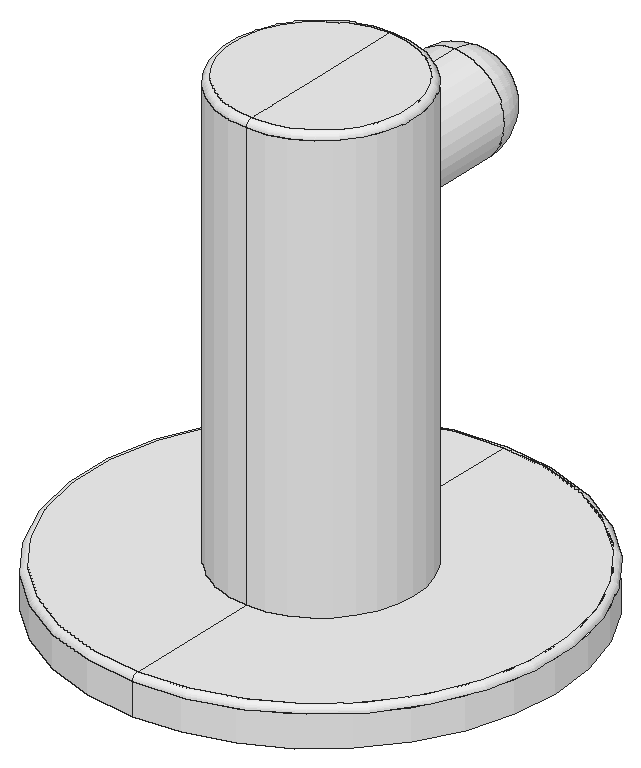
Revit family "Bathroom-Accessory-Waterworks-Flyte-Single_Hook", category Specialty Equipment, host Face, Revit 2014
Parameters (values of type "Chrome")
  ‌Installation Requirements or Notes = "Wall Mounted Installation\r"  # constant formula
  Warranty = "http://www.waterworks.com/warranty"
  Version = "2014 - v1.0a"  # constant formula
  Support Phone = "(224) 699-9545"  # constant formula
  Support Email = "mailto:support@anguleris.com"
  Model SKU = if(Constraint = 1, "22-72044-37407", if(Constraint = 2, "22-44537-84603", if(Constraint = 3, "22-69058-77763", if(Constraint = 4, "22-31700-09370", "Not Available"))))  # "22-72044-37407"
  Manufacturer Email = "mailto:acallanan@waterworks.com"
  Length = 0' - 2 3/8"  # constant formula
  Keynote = "22 40 00"
  URL = "http://www.waterworks.com/"
  Product Page URL = "http://www.waterworks.com/flyte-single-hook-flrh01"
  Product Name = if(Constraint = 1, "Flyte Single Hook in Chrome", if(Constraint = 2, "Flyte Single Hook in Graphite", if(Constraint = 3, "Flyte Single Hook in Nickel", if(Constraint = 4, "Flyte Single Hook in Unlacquered Brass", "Not Available"))))  # "Flyte Single Hook in Chrome"
  Product Documentation Link = "http://assets.waterworks.com/wasset/35/original/35835.pdf"
  Model = "FLRH01"  # constant formula
  Material = ""
  Manufacturer Phone Number = "(203)546-6201"  # constant formula
  Manufacturer Address = "60 Backus Avenue, Danbury, CT 06810"  # constant formula
  Manufacturer = "Waterworks"  # constant formula
  Height = 0' - 2 3/8"  # constant formula
  Finish = Metal - Waterworks - Chrome
  Description = if(Constraint = 1, "Single Hook in Chrome", if(Constraint = 2, "Single Hook in Graphite", if(Constraint = 3, "Single Hook in Nickel", if(Constraint = 4, "Single Hook in Unlacquered Brass", "Not Available"))))  # "Single Hook in Chrome"
  Depth = 0' - 2 11/16"  # constant formula
  Default Elevation = 3' - 0"
  Copyright = "@2017 Waterworks Operating Company LLC. All rights reserved"  # constant formula
  Constraint = 1
  Assembly Code = "C1030200"
Types (4): name | Model SKU | Product Name | Finish | Description | Constraint
  Chrome | "22-72044-37407" | "Flyte Single Hook in Chrome" | Metal - Waterworks - Chrome | "Single Hook in Chrome" | 1
  Graphite | "22-44537-84603" | "Flyte Single Hook in Graphite" | Metal - Waterworks - Graphite | "Single Hook in Graphite" | 2
  Nickel | "22-69058-77763" | "Flyte Single Hook in Nickel" | Metal - Waterworks - Nickel | "Single Hook in Nickel" | 3
  Unlacquered Brass | "22-31700-09370" | "Flyte Single Hook in Unlacquered Brass" | Metal - Waterworks - Unlacquered Brass | "Single Hook in Unlacquered Brass" | 4
Reference planes (in)
  plane 1 "Center (Front/Back)": y = 0
  plane 2 "Back": z = 0
  plane 3 "Center (Left/Right)": x = 0
  plane 4 "Left": x = -1.34375
  plane 5 "Right": x = 1.34375
  plane 6 "Bottom": y = -1.1875
  plane 7 "Top": y = 1.1875
  plane 8 "Front": z = 2.375
  plane 9: y = -0.46875
  plane 10: y = 1.09375
  plane 11: x = -0.46875
  plane 12: x = 0.46875
  plane 13: y = 0.46875
Forms (in)
  Revolve 1, solid, material "Metal - Waterworks - Chrome" <- "Finish"
    sketch origin (0, 0, 0) x (0, 1, 0) y (0, 0, 1)
      loop
        line (0, 2.375) -> (0, 0) -> (1.1875, 0) -> (1.1875, 0.15625)
        arc (1.1875, 0.15625) -> (1.17835, 0.17835) -> (1.15625, 0.1875) r 0.03125
        line (1.15625, 0.1875) -> (0.46875, 0.1875) -> (0.46875, 2.34375)
        arc (0.46875, 2.34375) -> (0.4596, 2.36585) -> (0.4375, 2.375) r 0.03125
        line (0.4375, 2.375) -> (0, 2.375)
      axis (0, 2.375) -> (0, 0)
    angle from 0 to 360
  Revolve 2, solid, material "Metal - Waterworks - Chrome" <- "Finish"
    sketch origin (0, 0, 0) x (0, 1, 0) y (0, 0, 1)
      loop
        arc (1.09375, 1.875) -> (1.02053, 2.05178) -> (0.84375, 2.125) r 0.25
        line (0.84375, 2.125) -> (0, 2.125) -> (0, 1.875) -> (1.09375, 1.875)
      axis (1.09375, 1.875) -> (0, 1.875)
    angle from 0 to 360
Cuts and joins
  joined: Revolve 1, Revolve 2
Lines and regions (in)
  Masking region 1, detail levels coarse
    outline origin (0, 1.1875, 3.625) x (0, 0, -1) y (-1, 0, 0)
      loop
        line (1.25, -0.46875) -> (3.4375, -0.46875) -> (3.4375, -1.34375) -> (3.625, -1.34375) -> (3.625, 1.34375) -> (3.4375, 1.34375) -> (3.4375, 0.46875) -> (1.25, 0.46875) -> (1.25, -0.46875)
  Masking region 2, detail levels medium+fine
    outline origin (0, 1.1875, 3.625) x (0, 0, -1) y (-1, 0, 0)
      loop
        arc (1.25, -0.4375) -> (1.25915, -0.4596) -> (1.28125, -0.46875) r 0.03125
        line (1.28125, -0.46875) -> (3.4375, -0.46875) -> (3.4375, -1.3125)
        arc (3.4375, -1.3125) -> (3.44665, -1.3346) -> (3.46875, -1.34375) r 0.03125
        line (3.46875, -1.34375) -> (3.625, -1.34375) -> (3.625, 1.34375) -> (3.46875, 1.34375)
        arc (3.46875, 1.34375) -> (3.44665, 1.3346) -> (3.4375, 1.3125) r 0.03125
        line (3.4375, 1.3125) -> (3.4375, 0.46875) -> (1.28125, 0.46875)
        arc (1.28125, 0.46875) -> (1.25915, 0.4596) -> (1.25, 0.4375) r 0.03125
        line (1.25, 0.4375) -> (1.25, -0.4375)
  symbolic lines, detail levels medium+fine
    curve 1: line (0.46875, 1.1875, 0.1875) -> (-0.46875, 1.1875, 0.1875)
  symbolic lines, detail levels fine
    curve 2: circle (0, 1.1875, 1.875) r 0.25 normal (0, 1, 0)
Dimensions and locks (in)
  equal spacing: plane 4 "Left", plane 3 "Center (Left/Right)", plane 5 "Right"
  "Depth": plane 4 "Left" to plane 5 "Right"
  equal spacing: plane 6 "Bottom", plane 1 "Center (Front/Back)", plane 7 "Top"
  "Height": plane 6 "Bottom" to plane 7 "Top"
  plane 9 to plane 1 "Center (Front/Back)" to plane 10 = 0' - 0 15/32" locked, 0' - 1 3/32" locked
  equal spacing: plane 9, plane 1 "Center (Front/Back)", plane 13, locked at 0.46875 each
  equal spacing: plane 11, plane 3 "Center (Left/Right)", plane 12, locked at 0.46875 each
  "Length": plane 8 "Front" to plane 2 "Back"
  Revolve 1 sketch curve to Revolve 1 sketch curve to plane 2 "Back" = 0' - 0 1/32" locked, 0' - 0 5/32" locked
  locked: plane 13 to Revolve 1 sketch curve at 0.03125
  locked: plane 8 "Front" to Revolve 1 sketch curve at 0.03125
  locked: plane 8 "Front" to Revolve 2 sketch curve at 0.5
  locked: plane 10 to Revolve 2 sketch curve at 0.25
  locked: Revolve 2 sketch curve to Revolve 2 sketch curve at 0.25
  locked: plane 5 "Right" to Masking region 2 sketch curve at 0.03125
  locked: plane 12 to Masking region 2 sketch curve at 0.03125
  locked: Masking region 2 sketch curve to plane 11 at 0.03125
  locked: Masking region 2 sketch curve to plane 4 "Left" at 0.03125
  Masking region 2 sketch curve to Masking region 2 sketch curve to plane 8 "Front" = 0' - 0" locked, 0' - 0 1/32" locked
  plane 2 "Back" to Masking region 2 sketch curve to Masking region 2 sketch curve = 0' - 0 5/32" locked, 0' - 0" locked
  aligned and locked: host face to plane 2 "Back"
  aligned and locked: level to host face
  aligned and locked: plane 8 "Front" to Revolve 1 sketch curve
  aligned and locked: Revolve 1 sketch curve to plane 13
  aligned and locked: plane 1 "Center (Front/Back)" to Revolve 1 sketch curve  (x2)
  aligned and locked: Revolve 1 sketch curve to plane 2 "Back"
  aligned and locked: Revolve 1 sketch curve to plane 7 "Top"
  aligned and locked: Revolve 2 sketch curve to Revolve 2 sketch curve  (x2)
  aligned and locked: plane 1 "Center (Front/Back)" to Revolve 2 sketch curve
  aligned and locked: Masking region 1 sketch curve to plane 2 "Back"
  aligned and locked: Masking region 1 sketch curve to plane 4 "Left"
  aligned and locked: plane 5 "Right" to Masking region 1 sketch curve
  aligned and locked: cut or joined group of Revolve 1, Revolve 2 to Masking region 1 sketch curve
  aligned and locked: Masking region 1 sketch curve to cut or joined group of Revolve 1, Revolve 2
  aligned and locked: plane 11 to Masking region 1 sketch curve
  aligned and locked: Masking region 1 sketch curve to plane 12
  aligned and locked: Masking region 1 sketch curve to plane 8 "Front"
  aligned and locked: cut or joined group of Revolve 1, Revolve 2 to Masking region 2 sketch curve
  aligned and locked: Masking region 2 sketch curve to cut or joined group of Revolve 1, Revolve 2
  aligned and locked: Masking region 2 sketch curve to plane 4 "Left"
  aligned and locked: plane 5 "Right" to Masking region 2 sketch curve
  aligned and locked: Masking region 2 sketch curve to plane 2 "Back"
  aligned and locked: Masking region 2 sketch curve to plane 8 "Front"
  aligned and locked: Masking region 2 sketch curve to plane 12
  aligned and locked: plane 11 to Masking region 2 sketch curve
  aligned and locked: curve 1 to Masking region 2
  aligned and locked: curve 2 to cut or joined group of Revolve 1, Revolve 2
Automatic sketch dimensions
  host sketch curve to host sketch curve = 6' - 0"  (x2)
  Revolve 1 sketch curve to Revolve 1 sketch curve = 1' - 0"
  plane 8 "Front" to Revolve 1 sketch curve = 0' - 9 5/16"
  plane 6 "Bottom" to Revolve 2 sketch curve = 0' - 4 13/16"
  Revolve 2 sketch curve to plane 7 "Top" = 0' - 4 13/16"
  curve 1 to plane 12 = 0' - 0"
  curve 1 to plane 11 = 0' - 0"
